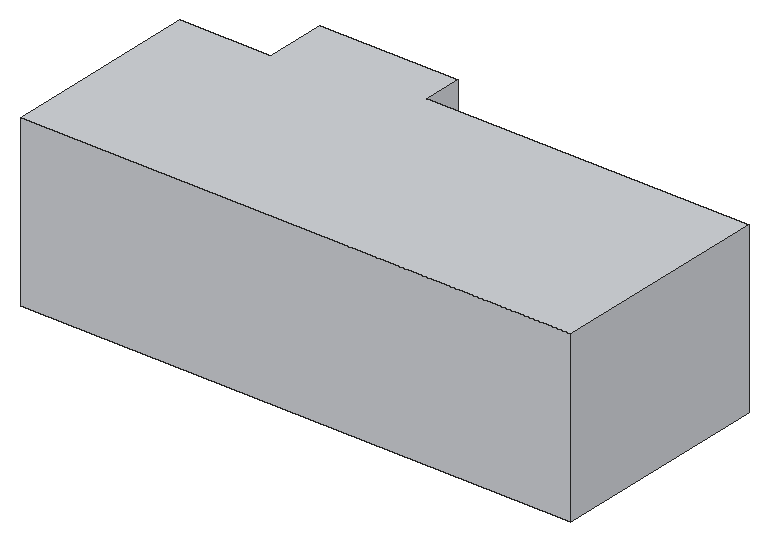
Revit family "Componenti orizzontali edificio (fare comp vert di diversa altezza)", category Modelli generici, Revit 2017
Family settings
  Può ospitare armatura = No
  Quota connettore circolare = Usa diametro
  Tipo di parte = Normale
  Basato su piano di lavoro = No
  Sempre verticale = Sì
  Taglio con vuoti quando caricato = No
  Condiviso = No
  Punto di calcolo locali = No
Parameters (values of type "Edif_4")
  Lungh 3 Dx = 1450 mm
  Lungh 2 Cen = 1700 mm
  Lungh 1 Sx = 1300 mm
  Largh 3 Dx = 2100 mm
  Largh 2 Cen = 900 mm
  Largh 1 sx = 600 mm
  Altezza [instance] = 1100 mm
Types (7, lengths in mm): name | Lungh 3 Dx | Lungh 2 Cen | Lungh 1 Sx | Largh 3 Dx | Largh 2 Cen | Largh 1 sx | Altezza
  (no name) | 1450 | 1700 | 1300 | 2100 | 900 | 600 | 1100
  Edif_1 | 1400 | 300 | 1600 | 600 | 1700 | 1300 | 600
  Edif_3 | 450 | 1700 | 1340 | 2200 | 900 | 500 | 900
  Edif_2 | 450 | 250 | 1600 | 1550 | 1300 | 750 | 1300
  Edif_4 | 1450 | 1700 | 1300 | 2100 | 900 | 600 | 1100
  Edif_5 | 650 | 2000 | 1340 | 830 | 1070 | 1700 | 1400
  Type 6 | 2150 | 1000 | 740 | 830 | 1070 | 1700 | 1300
Reference planes
  plane 1 "Center (Front/Back)": y = 0
  plane 2: z = 0
  plane 3 "Center (Left/Right)": x = 0
  plane 4: y = 1700
  plane 5: x = 600
  plane 6: x = 1500
  plane 7: x = 3600
  plane 8: y = 1300
  plane 9: y = 1450
  plane 10: z = 1100
Forms (mm)
  Extrusion 1, solid
    sketch origin (0, 0, 0) x (1, 0, 0) y (0, 1, 0)
      loop
        line (0, 1300) -> (0, 0) -> (3600, 0) -> (3600, 1450) -> (1500, 1450) -> (1500, 1700) -> (600, 1700) -> (600, 1300) -> (0, 1300)
    from 0 to 1100
Dimensions and locks
  "Largh 1 sx": plane 3 "Center (Left/Right)" to plane 5
  "Largh 2 Cen": plane 5 to plane 6
  "Largh 3 Dx": plane 6 to plane 7
  "Lungh 2 Cen": plane 4 to plane 1 "Center (Front/Back)"
  "Lungh 1 Sx": plane 1 "Center (Front/Back)" to plane 8
  "Lungh 3 Dx": plane 1 "Center (Front/Back)" to plane 9
  "Altezza": level to plane 10
  plane 3 "Center (Left/Right)" to plane 7 = 3600 mm
  aligned and locked: level to plane 2
  aligned and locked: Extrusion 1 sketch curve to plane 1 "Center (Front/Back)"
  aligned and locked: plane 3 "Center (Left/Right)" to Extrusion 1 sketch curve
  aligned and locked: Extrusion 1 sketch curve to plane 8
  aligned and locked: Extrusion 1 sketch curve to plane 9
  aligned and locked: Extrusion 1 sketch curve to plane 5
  aligned and locked: plane 6 to Extrusion 1 sketch curve
  aligned and locked: Extrusion 1 sketch curve to plane 7
  aligned and locked: Extrusion 1 sketch curve to plane 4
  aligned and locked: plane 10 to Extrusion 1
